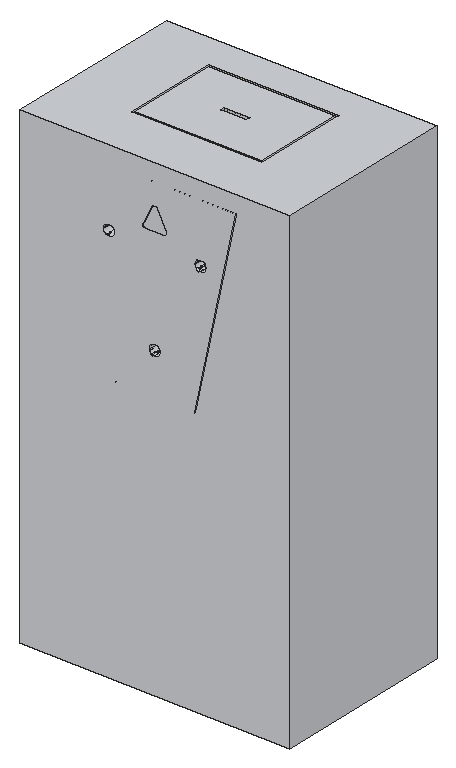
Revit family "AX9414_0028", category Appareils sanitaires, Revit 2016
Family settings
  Hôte = Mur
  Type d'élément = Normal
  Cote de connecteur circulaire = Utiliser le diamètre
  Numéro OmniClass = 23.75.00.00
  Titre OmniClass = Climate Control (HVAC)
  Toujours verticalement = Oui
  Couper avec des vides une fois chargée = Non
  Partagée = Non
  Point de calcul de pièce = Non
Parameters (values of type "Type 1")
  URL = "http://www.axeuro.com/fr/distributeurs-de-savon/24705-distributeur-de-savon-arretes-droites-ax9414.html?search_query=ax9414&results=1"
  Type de produit / Type of product = "Distributeur de savon / Soap dispenser"  # constant formula
  Référence / Reference = "AX9414, AX9414P, AX9414W"  # constant formula
  Model = ""
  Manufacturer = ""
  Entreprise / Company = "Axeuro"  # constant formula
  Description = ""
Reference planes
  plane 1 "Mur": y = 0
  plane 2 "Centre (gauche/droite)": x = 0
  plane 3 "Arrière": y = 75
Forms (mm)
  Extrusion 1, solid
    sketch origin (373.041, -206, 13) x (1, 0, 0) y (0, 1, 0)
      loop
        line (-429.041, 281) -> (-317.041, 281) -> (-317.041, 357) -> (-429.041, 357) -> (-429.041, 281)
    from 959.632 to 1157.632
  Extrusion 2, solid
    sketch origin (0, 83.981, 0) x (1, 0, 0) y (0, 0, 1)
      loop
        line (0, 982.632) -> (10.9, 982.632)
        arc (10.9, 982.632) -> (12.246, 983.139) -> (12.922, 984.41) r 2.04
        line (12.922, 984.41) -> (18.826, 1012.067)
        arc (18.826, 1012.067) -> (18.396, 1013.865) -> (16.727, 1014.661) r 2.146
        line (16.727, 1014.661) -> (0, 1014.661) -> (-16.727, 1014.661)
        arc (-16.727, 1014.661) -> (-18.188, 1014.087) -> (-18.868, 1012.672) r 2.146
        line (-18.868, 1012.672) -> (-12.896, 984.252)
        arc (-12.896, 984.252) -> (-12.185, 983.088) -> (-10.9, 982.632) r 2.04
        line (-10.9, 982.632) -> (0, 982.632)
    from -91.019 to -74
  Revolve 3, solid
    sketch origin (0, 2, -19.03) x (0, 1, 0) y (0, 0, 1)
      loop
        line (149, 1046.161) -> (157, 1046.161)
        arc (157, 1046.161) -> (154.955, 1053.271) -> (149, 1057.661) r 11.494
        line (149, 1057.661) -> (149, 1046.161)
      axis (157, 1046.161) -> (149, 1046.161)
    angle from 0 to 360
  Extrusion 4, solid
    sketch origin (0, 8.382, 0) x (1, 0, 0) y (0, 1, 0)
      loop
        circle (0, 159.74) r 3.15
    from 980.631 to 982.632
  Extrusion 5, solid
    sketch origin (0, 77, -1.064) x (1, 0, 0) y (0, 0, 1)
      loop
        circle (0, 999.488) r 11.5
    from -80.981 to -74
  Revolve 6, void
    sketch origin (0, -10.641, -3.218) x (0, 1, 0) y (0, 0, 1)
      loop
        arc (185.641, 1009.065) -> (183.544, 1005.751) -> (183.017, 1001.865) r 9.209
        line (183.017, 1001.865) -> (185.641, 1001.865) -> (185.641, 1009.065)
      axis (185.641, 1001.865) -> (183.017, 1001.865)
    angle from 0 to 360
  Extrusion 7, void
    sketch origin (92.87, -16.805, 3) x (1, 0, 0) y (0, 1, 0)
      loop
        line (-98.095, 134.205) -> (-98.095, 132.405) -> (-87.645, 132.405) -> (-87.645, 134.205) -> (-98.095, 134.205)
    from 1166.258 to 1167.632
  Extrusion 8, void
    sketch origin (-4.018, 4.285, 3) x (1, 0, 0) y (0, 1, 0)
      loop
        line (-22.982, 132.124) -> (-22.982, 131.306) -> (31.018, 131.306) -> (31.018, 132.124) -> (-22.982, 132.124)
    from 1166.258 to 1167.632
  Extrusion 9, void
    sketch origin (-4.018, -34.715, 3) x (1, 0, 0) y (0, 1, 0)
      loop
        line (-22.982, 132.124) -> (-22.982, 131.306) -> (31.018, 131.306) -> (31.018, 132.124) -> (-22.982, 132.124)
    from 1166.258 to 1167.632
  Extrusion 10, void
    sketch origin (-105.124, 113.427, 3) x (0, -1, 0) y (1, 0, 0)
      loop
        line (-22.982, 132.124) -> (-22.982, 131.306) -> (16.837, 131.306) -> (16.837, 132.124) -> (-22.982, 132.124)
    from 1166.258 to 1167.632
  Extrusion 11, void
    sketch origin (-158.306, 113.427, 3) x (0, -1, 0) y (1, 0, 0)
      loop
        line (-22.982, 132.124) -> (-22.982, 131.306) -> (16.837, 131.306) -> (16.837, 132.124) -> (-22.982, 132.124)
    from 1166.258 to 1167.632
  Extrusion 12, solid
    sketch origin (0, 5.6, -9) x (1, 0, 0) y (0, 0, 1)
      loop
        line (-33.65, 1172.632) -> (-16.5, 1092.632) -> (16.5, 1092.632) -> (33.65, 1172.632) -> (-33.65, 1172.632)
    from -69.4 to -75
  Extrusion 13, void
    sketch origin (-2.28, 5.6, -7.77) x (1, 0, 0) y (0, 0, 1)
      loop
        circle (-16.72, 1146.652) r 2.3
    from -75 to -69.4
  Extrusion 14, void
    sketch origin (2.28, 5.6, -7.77) x (-1, 0, 0) y (0, 0, -1)
      loop
        circle (-16.72, -1146.652) r 2.3
    from -75 to -69.4
  Extrusion 15, void
    sketch origin (16.72, 5.6, -45.77) x (1, 0, 0) y (0, 0, 1)
      loop
        circle (-16.72, 1146.652) r 2.3
    from -75 to -69.4
  Extrusion 16, void
    sketch origin (0, 0, -1339.73) x (1, 0, 0) y (0, 0, 1)
      loop
        line (-1.133, 2493.876) -> (-4.863, 2486.378)
        arc (-4.863, 2486.378) -> (-4.804, 2485.106) -> (-3.693, 2484.486) r 1.309
        line (-3.693, 2484.486) -> (3.693, 2484.486)
        arc (3.693, 2484.486) -> (4.804, 2485.106) -> (4.863, 2486.378) r 1.309
        line (4.863, 2486.378) -> (1.133, 2493.876)
        arc (1.133, 2493.876) -> (0, 2494.529) -> (-1.133, 2493.876) r 1.309
    from -77.029 to -75
Cuts and joins
  Revolve 6 cuts Extrusion 2
  Extrusion 7, Extrusion 8, Extrusion 9, Extrusion 10, Extrusion 11, Extrusion 13, Extrusion 14, Extrusion 15, Extrusion 16 cuts Extrusion 1
  Extrusion 13, Extrusion 14, Extrusion 15 cuts Extrusion 12
Lines and regions (mm)
  reference lines
    curve 1: line (0, 149, 0) -> (0, 155.992, 0)
Text (mm)
  text "Côté de la mise en place" at (-1820.995, 1116.779, 0), in view "Niveau de réf."
  text "Côté de la mise en place" at (0, 1334.055, 2976.191), in view "Gauche"
  text "Côté de la mise en place" at (0, 439.194, 2944.362), in view "Droite"
Dimensions and locks
  locked: plane 3 "Arrière" to host wall
  aligned and locked: plane 1 "Mur" to host wall
